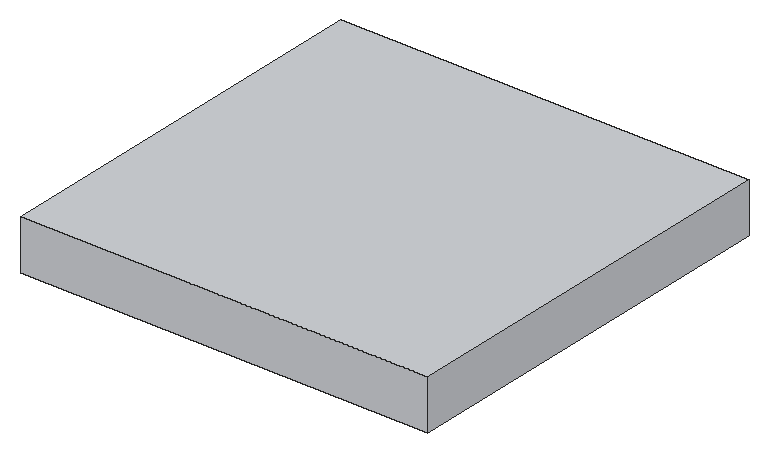
Revit family "TC - Base Wall Drop1.before-20261125-161735", category Data Devices, host Face, Revit 2024
Family settings
  Host = Face
  Round Connector Dimension = Use Diameter
  Part Type = Normal
  OmniClass Number = 23.85.50.17.11
  OmniClass Title = Computer Network Equipment
  Cut with Voids When Loaded = No
  Maintain Annotation Orientation = Yes
  Shared = Yes
  Room Calculation Point = No
Parameters (values of type "AV - 1 Port")
  TC Tagging Order [instance] = ""
  TC Label Quadrant [instance] = 0
  TC Auto Orient Version = 1
  TC Auto Orient [instance] = yes
  Symbol On/Off [instance] = yes
  Shade Right [instance] = # of Ports > 1  # no
  Shade Left [instance] = 1 = 0  # no
  Mounting Type [instance] = "Wall"
  IDF Room [instance] = ""
  Floor [instance] = ""
  Elevation Tag - Rotate [instance] = no
  Elevation Tag [instance] = yes
  Data Elevation [instance] = ""
  Cable ID Tag - Right Rotate [instance] = TC Label Quadrant = 3  # no
  Cable ID Tag - Right [instance] = TC Label Quadrant = 2  # no
  Cable ID Tag [instance] = TC Label Quadrant = 0  # yes
  Cable ID Tag - Rotate [instance] = TC Label Quadrant = 1  # no
  # of Ports Tag - Rotate [instance] = TC Label Quadrant = 1  # no
  # of Ports Tag - Left Rotate [instance] = TC Label Quadrant = 3  # no
  # of Ports Tag - Left [instance] = TC Label Quadrant = 2  # no
  # of Ports Tag [instance] = TC Label Quadrant = 0  # yes
  Faceplate Width = 0' - 2 1/2"
  Faceplate Height = 0' - 4"
  Faceplate Depth = 0' - 0 3/16"
  Description = ""
  Default Elevation = 1' - 6"
  Cable ID Suffix = "AV"
  Backbox Width = 0' - 4"
  Backbox Height = 0' - 4"
  Backbox Depth = 0' - 2"
  Assembly Code = ""
  # of Ports = 1
Types (15): name | Shade Right | Mounting Type | Elevation Tag - Rotate | Elevation Tag | Default Elevation | Cable ID Suffix | # of Ports
  TD - 1 Port | no | "Wall" | no | yes | 1' - 6" | "TD" | 1
  TD - 2 Port | yes | "Wall" | yes | no | 1' - 6" | "TD" | 2
  TD - 4 Port | yes | "Wall" | no | yes | 1' - 6" | "TD" | 4
  RS - 1 Port | no | "Wall" | yes | no | 1' - 6" | "RS" | 1
  AV - 1 Port | no | "Wall" | no | yes | 1' - 6" | "AV" | 1
  AV - 2 Port | yes | "Wall" | no | yes | 1' - 6" | "AV" | 2
  AC - 1 Port | no | "Wall" | no | yes | 1' - 6" | "AC" | 1
  AC - 2 Port | yes | "Wall" | no | yes | 1' - 6" | "AC" | 2
  AV - 4 Port | yes | "Wall" | no | yes | 7' - 6" | "AV" | 4
  TD - 3 Port | yes | "Wall" | no | yes | 1' - 6" | "TD" | 3
  P - 2 Drop | yes | "Wall" | yes | no | 1' - 6" | "P" | 2
  CAM 2 | no | "" | no | yes | 1' - 6" | "CM" | 1
  O 2 | no | "" | no | yes | 1' - 6" | "O" | 0
  AV 2 | no | "" | no | yes | 1' - 6" | "AV" | 0
  AC 2 | yes | "" | no | yes | 1' - 6" | "AC" | 2
Reference planes (in)
  plane 1 "Center (Front/Back)": y = 0
  plane 2: z = 0
  plane 3 "Center (Left/Right)": x = 0
  plane 4 "Left Inside": x = -2
  plane 5 "Right Inside": x = 2
  plane 6 "Top Inside": y = 2
  plane 7 "Bottom Inside": y = -2
  plane 8 "Left Outside": x = -1.25
  plane 9 "Right Outside": x = 1.25
  plane 10 "Top Outside": y = 2
  plane 11 "Bottom Outside": y = -2
  plane 12 "Front": z = 0.1875
  plane 13 "Back": z = -2
Forms (in)
  Extrusion 1, solid
    sketch origin (0, 0, 0) x (1, 0, 0) y (0, 1, 0)
      loop
        line (-49.63881, 48) -> (-49.63881, -48) -> (48, -48) -> (48, 48) -> (-49.63881, 48)
    from 0 to -12
  Extrusion 2, solid, not visible, detail levels fine
    sketch origin (0, 0, 0) x (1, 0, 0) y (0, 1, 0)
      loop
        line (-2, 2) -> (-2, -2) -> (2, -2) -> (2, 2) -> (-2, 2)
    from -0.13408 to -2
  Extrusion 3, solid, not visible, detail levels fine
    sketch origin (0, 0, 0) x (1, 0, 0) y (0, 1, 0)
      loop
        line (-1.25, 2) -> (-1.25, -2) -> (1.25, -2) -> (1.25, 2) -> (-1.25, 2)
    from 0 to 0.1875
  Extrusion 4, solid, detail levels medium
    sketch origin (0, 0, 0) x (1, 0, 0) y (0, 1, 0)
      loop
        line (-1.25, 2) -> (-1.25, -2) -> (1.25, -2) -> (1.25, 2) -> (-1.25, 2)
    from -0.13408 to 0
Lines and regions (in)
  symbolic lines, detail levels fine
    curve 1: line (-1.25, 0, 0) -> (1.25, 0, 0)
    curve 2: line (-1.25, 0, 0.1875) -> (-1.25, 0, 0)
    curve 3: line (1.25, 0, 0.1875) -> (-1.25, 0, 0.1875)
    curve 4: line (1.25, 0, 0) -> (1.25, 0, 0.1875)
Dimensions and locks (in)
  equal spacing: plane 4 "Left Inside", plane 3 "Center (Left/Right)", plane 5 "Right Inside"
  "Backbox Width": plane 4 "Left Inside" to plane 5 "Right Inside"
  equal spacing: plane 6 "Top Inside", plane 1 "Center (Front/Back)", plane 7 "Bottom Inside"
  "Backbox Height": plane 6 "Top Inside" to plane 7 "Bottom Inside"
  equal spacing: plane 8 "Left Outside", plane 3 "Center (Left/Right)", plane 9 "Right Outside"
  "Faceplate Width": plane 8 "Left Outside" to plane 9 "Right Outside"
  equal spacing: plane 10 "Top Outside", plane 1 "Center (Front/Back)", plane 11 "Bottom Outside"
  "Faceplate Height": plane 10 "Top Outside" to plane 11 "Bottom Outside"
  "Faceplate Depth": plane 12 "Front" to plane 2
  "Backbox Depth": plane 2 to plane 13 "Back"
  aligned and locked: plane 2 to Extrusion 1
  aligned and locked: level to Extrusion 1
  aligned and locked: plane 4 "Left Inside" to Extrusion 2 sketch curve
  aligned and locked: Extrusion 2 sketch curve to plane 6 "Top Inside"
  aligned and locked: plane 7 "Bottom Inside" to Extrusion 2 sketch curve
  aligned and locked: Extrusion 2 sketch curve to plane 5 "Right Inside"
  aligned and locked: Extrusion 2 to plane 13 "Back"
  aligned and locked: plane 8 "Left Outside" to Extrusion 3 sketch curve
  aligned and locked: Extrusion 3 sketch curve to plane 10 "Top Outside"
  aligned and locked: plane 11 "Bottom Outside" to Extrusion 3 sketch curve
  aligned and locked: Extrusion 3 sketch curve to plane 9 "Right Outside"
  aligned and locked: plane 12 "Front" to Extrusion 3
  aligned and locked: plane 8 "Left Outside" to curve 2
  aligned and locked: curve 4 to plane 9 "Right Outside"
  aligned and locked: plane 12 "Front" to curve 3
  aligned and locked: curve 1 to level
  aligned and locked: plane 8 "Left Outside" to curve 1
  aligned and locked: Extrusion 4 to plane 8 "Left Outside"
  aligned and locked: plane 6 "Top Inside" to Extrusion 4
  aligned and locked: Extrusion 2 to Extrusion 4
Automatic sketch dimensions
  Extrusion 1 sketch curve to Extrusion 1 sketch curve = 8' - 1.63881"
  Extrusion 1 sketch curve to Extrusion 1 sketch curve = 8' - 0"
  Extrusion 4 sketch curve to plane 8 "Left Outside" = 0' - 0"
  Extrusion 4 sketch curve to plane 9 "Right Outside" = 0' - 0"
  Extrusion 4 sketch curve to plane 7 "Bottom Inside" = 0' - 0"
  Extrusion 4 sketch curve to plane 6 "Top Inside" = 0' - 0"
Nested families (in)
  nested 1: "TC_WALL DROP SYMBOL" at (0, 0, 0), Cable ID Suffix <- "Cable ID Suffix", # of Ports <- "# of Ports", Elevation Tag <- "Elevation Tag", Elevation Tag - Rotate <- "Elevation Tag - Rotate", # of Ports Tag <- "# of Ports Tag", Cable ID Tag <- "Cable ID Tag", Cable ID Tag - Rotate <- "Cable ID Tag - Rotate", visible <- "Symbol On/Off", Shade Left <- "Shade Left", Shade Right <- "Shade Right", # of Ports Tag - Left <- "# of Ports Tag - Left", # of Ports Tag - Left Rotate <- "# of Ports Tag - Left Rotate", Cable ID Tag - Right <- "Cable ID Tag - Right", Cable ID Tag - Right Rotate <- "Cable ID Tag - Right Rotate", # of Ports Tag - Rotate <- "# of Ports Tag - Rotate", Data Elevation <- "Data Elevation", type "TC_WALL DROP SYMBOL"
    with Shade Right no, Shade Left no, Elevation Tag - Rotate no, Elevation Tag yes, Data Elevation "", Cable ID Tag - Rotate no, Cable ID Tag - Right Rotate no, Cable ID Tag - Right no, Cable ID Tag yes, Cable ID Suffix "AV", # of Ports Tag - Rotate no, # of Ports Tag - Left Rotate no, # of Ports Tag - Left no, # of Ports Tag yes, # of Ports 1
Connectors (in)
  electrical at (0, 2, -1.06704)
    settings: on Extrusion 2, index 1, voltage 0 V, apparent load 0 VA, apparent load phase1 0 VA, apparent load phase2 0 VA, apparent load phase3 0 VA, power factor 0, load classification "Other", number of poles 1, system type 5, power factor state 1, is connector primary yes, connector utility no, sub classification motor no, connector description ""
Definition of nested family "TC_WALL DROP SYMBOL"
  Parameters (values of type "TC_WALL DROP SYMBOL")
    Shade Right [instance] = yes
    Shade Left [instance] = no
    Elevation Tag - Rotate [instance] = no
    Elevation Tag [instance] = no
    Data Elevation [instance] = ""
    Cable ID Tag - Rotate [instance] = no
    Cable ID Tag - Right Rotate [instance] = no
    Cable ID Tag - Right [instance] = no
    Cable ID Tag [instance] = yes
    Cable ID Suffix [instance] = ""
    # of Ports Tag - Rotate [instance] = no
    # of Ports Tag - Left Rotate [instance] = no
    # of Ports Tag - Left [instance] = no
    # of Ports Tag [instance] = yes
    # of Ports [instance] = 0
  Reference planes (in)
    plane 1: y = 0
    plane 2: x = 0
  Lines and regions (in)
    Filled region 1, type "Solid Black", visible <- "Shade Right"
      outline origin (0, 0, 0) x (1, 0, 0) y (0, 1, 0)
        loop
          line (0, 0) -> (0.07679, 0.133) -> (0, 0.133) -> (0, 0)
    Filled region 2, type "Solid Black", visible <- "Shade Left"
      outline origin (0, 0, 0) x (1, 0, 0) y (0, 1, 0)
        loop
          line (0, 0) -> (0, 0.133) -> (-0.07679, 0.133) -> (0, 0)
    detail lines
      curve 1: line (-0.07679, 0.133, 0) -> (0.07679, 0.133, 0)
      curve 2: line (0.07679, 0.133, 0) -> (0, 0, 0)
      curve 3: line (-0.07679, 0.133, 0) -> (0, 0, 0)
      curve 4: line (-0.06693, 0, 0) -> (0.06693, 0, 0)
  Text (in)
    label "#" at (0.06898, 0.2146, 0), shows "# of Ports", visible <- "# of Ports Tag"
    label "ID" at (-0.08209, 0.2146, 0), shows "Cable ID Suffix", visible <- "Cable ID Tag"
    label "#" at (0.1093, 0.19382, 0), shows "# of Ports", visible <- "# of Ports Tag - Rotate"
    label "ID" at (-0.08666, 0.22124, 0), shows "Cable ID Suffix", visible <- "Cable ID Tag - Rotate"
    label "Data Elevation" at (0.17412, -0.12459, 0), shows "Data Elevation", visible <- "Elevation Tag - Rotate"
    label "Data Elevation" at (0.083, -0.04006, 0), shows "Data Elevation", visible <- "Elevation Tag"
    label "ID" at (0.11322, 0.2146, 0), shows "Cable ID Suffix", visible <- "Cable ID Tag - Right"
    label "ID" at (0.10866, 0.22124, 0), shows "Cable ID Suffix", visible <- "Cable ID Tag - Right Rotate"
    label "#" at (-0.1204, 0.2146, 0), shows "# of Ports", visible <- "# of Ports Tag - Left"
    label "#" at (-0.08009, 0.19382, 0), shows "# of Ports", visible <- "# of Ports Tag - Left Rotate"
